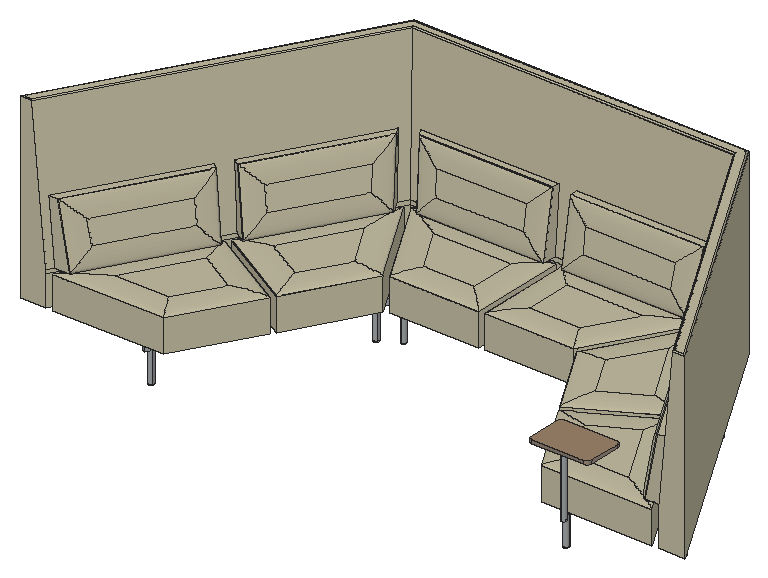
Revit family "Reveal High Back 980-173AT", category Furniture, Revit 2016
Family settings
  OmniClass Number = 23.40.20.00
  OmniClass Title = General Furniture and Specialties
  Work Plane-Based = No
  Always vertical = Yes
  Cut with Voids When Loaded = No
  Shared = No
  Room Calculation Point = No
Parameters
  URL = "http://www.martinbrattrud.com"
  Table Top [instance] = MB Wood Cherry
  SCS Certified Product = "Yes"
  Model = "Reveal 980-173A"
  Manufacturer = "Martin Brattrud, Inc."
  Leg = none
  Keynote = "125000"
  Copyright = "© 2013 Martin Brattrud, Inc."
  Chair [instance] = none
  Back Cushion [instance] = none
  Authoring Version = "Revit Architecture 2010"
  Assembly Code = "E2020200"
Reference planes
  plane 1 "Center Front/Back": y = 0
  plane 2: z = 0
  plane 3 "Center Left/Right": x = 0
Forms (mm)
  Sweep 1, solid, material <- "Chair"
    path in 3D
      loop
        line (2035.136, -1442.448, 1365.25) -> (1013.827, 326.51, 1365.25) -> (-1013.827, 326.51, 1365.25) -> (-2035.136, -1442.448, 1365.25)
    profile origin (0, 326.51, 1365.25) x (0, -1, 0) y (0, 0, 1)
      loop
        line (-7.144, 6.35) -> (-56.78, 6.35)
        arc (-56.78, 6.35) -> (-61.27, 4.49) -> (-63.13, 0) r 6.35
        line (-63.13, 0) -> (-0.794, 0)
        arc (-0.794, 0) -> (-2.654, 4.49) -> (-7.144, 6.35) r 6.35
  Sweep 2, solid, material <- "Chair"
    path in 3D
      loop
        line (-19.05, -390.525, 431.8) -> (-19.05, 212.725, 431.8) -> (-926.137, 212.725, 431.8) -> (-577.85, -390.525, 431.8) -> (-19.05, -390.525, 431.8)
    profile origin (-298.45, -390.525, 431.8) x (0, 1, 0) y (0, 0, 1)
      loop
        line (153.194, 0) -> (153.194, 19.05)
        spline (153.194, 19.05) -> (133.302, 18.887) -> (113.75, 18.401) -> (94.873, 17.6) -> (76.994, 16.498) -> (60.419, 15.113) -> (45.431, 13.47) -> (32.287, 11.597) -> (21.211, 9.525) -> (12.395, 7.29) -> (5.987, 4.931) -> (2.098, 2.487) -> (0.794, 0)
        line (0.794, 0) -> (153.194, 0)
  Extrusion 3, void
    sketch origin (0, -938.609, 558.8) x (0, 1, 0) y (0, 0, 1)
      loop
        line (-471.831, 806.45) -> (-471.037, 806.45)
        arc (-471.037, 806.45) -> (-469.178, 810.94) -> (-464.687, 812.8) r 6.35
        line (-464.687, 812.8) -> (-464.687, 819.15) -> (-560.731, 819.15) -> (-560.731, -330.2) -> (-471.831, -330.2) -> (-471.831, 806.45)
    from -2133.6 to 2133.6
  Extrusion 4, solid, material <- "Leg"
    sketch origin (0, 0, 0) x (1, 0, 0) y (0, 1, 0)
      loop
        line (-603.25, 365.125) -> (-603.25, 146.05) -> (-909.639, 146.05) -> (-1062.833, -119.29) -> (-1252.558, -9.753) -> (-1262.083, -26.251) -> (-1072.358, -135.788) -> (-1656.558, -1147.652) -> (-1846.283, -1038.115) -> (-1855.808, -1054.613) -> (-1319.63, -1364.175) -> (-1333.917, -1388.922) -> (-1317.419, -1398.447) -> (-667.671, -273.05) -> (667.671, -273.05) -> (1336.662, -1431.776) -> (1353.16, -1422.251) -> (1319.63, -1364.175) -> (1855.808, -1054.613) -> (1846.283, -1038.115) -> (1656.558, -1147.652) -> (1072.358, -135.788) -> (1262.083, -26.251) -> (1252.558, -9.753) -> (1062.833, -119.29) -> (909.639, 146.05) -> (603.25, 146.05) -> (603.25, 365.125) -> (584.2, 365.125) -> (584.2, 146.05) -> (-584.2, 146.05) -> (-584.2, 365.125) -> (-603.25, 365.125)
      loop
        line (-584.2, -254) -> (-127, -254) -> (-127, 127) -> (-584.2, 127) -> (-584.2, -254)
      loop
        line (-603.25, -254) -> (-603.25, 127) -> (-898.64, 127) -> (-1046.335, -128.815) -> (-716.38, -319.315) -> (-678.67, -254) -> (-603.25, -254)
      loop
        line (-107.95, 127) -> (-107.95, -254) -> (107.95, -254) -> (107.95, 127) -> (-107.95, 127)
      loop
        line (584.2, -254) -> (584.2, 127) -> (127, 127) -> (127, -254) -> (584.2, -254)
      loop
        line (-725.905, -335.813) -> (-1055.86, -145.313) -> (-1284.46, -541.26) -> (-954.505, -731.76) -> (-725.905, -335.813)
      loop
        line (-1401.935, -744.733) -> (-1071.98, -935.233) -> (-964.03, -748.258) -> (-1293.985, -557.758) -> (-1401.935, -744.733)
      loop
        line (-1081.505, -951.731) -> (-1411.46, -761.231) -> (-1640.06, -1157.177) -> (-1310.105, -1347.677) -> (-1081.505, -951.731)
      loop
        line (603.25, -254) -> (678.67, -254) -> (716.38, -319.315) -> (1046.335, -128.815) -> (898.64, 127) -> (603.25, 127) -> (603.25, -254)
      loop
        line (725.905, -335.813) -> (954.505, -731.76) -> (1284.46, -541.26) -> (1055.86, -145.313) -> (725.905, -335.813)
      loop
        line (1401.935, -744.733) -> (1293.985, -557.758) -> (964.03, -748.258) -> (1071.98, -935.233) -> (1401.935, -744.733)
      loop
        line (1081.505, -951.731) -> (1310.105, -1347.677) -> (1640.06, -1157.177) -> (1411.46, -761.231) -> (1081.505, -951.731)
    from 190.472 to 228.6
  Extrusion 5, solid, material <- "Leg"
    sketch origin (0, 0, 0) x (1, 0, 0) y (0, 1, 0)
      loop
        line (-584.2, 276.225) -> (584.2, 276.225) -> (584.2, 352.425) -> (-584.2, 352.425) -> (-584.2, 276.225)
      loop
        line (-1769.293, -1082.565) -> (-1185.093, -70.701) -> (-1251.084, -32.601) -> (-1835.284, -1044.465) -> (-1769.293, -1082.565)
      loop
        line (1769.293, -1082.565) -> (1835.284, -1044.465) -> (1251.084, -32.601) -> (1185.093, -70.701) -> (1769.293, -1082.565)
    from 203.2 to 228.6
  Sweep 6, solid, material <- "Chair"
    path origin (0, 0, 0) x (1, 0, 0) y (0, 1, 0)
      loop
        line (2090.574, -1410.441) -> (1050.786, 390.525) -> (-1050.786, 390.525) -> (-2090.574, -1410.441)
    profile origin (0, 390.525, 0) x (0, -1, 0) y (0, 0, 1)
      loop
        line (0, 1365.25) -> (0, 228.6) -> (139.7, 228.6) -> (139.7, 419.466)
        arc (139.7, 419.466) -> (139.451, 431.792) -> (138.703, 444.098) r 304.8
        line (138.703, 444.098) -> (64.015, 1365.25) -> (0, 1365.25)
  Extrusion 7, solid, material <- "Chair"
    sketch origin (0, 0, 0) x (1, 0, 0) y (0, 1, 0)
      loop
        line (-1431.725, -624.881) -> (-1885.269, -1410.441) -> (-1188.696, -1410.441) -> (-909.296, -926.506) -> (-1431.725, -624.881)
      loop
        line (-610.846, -409.575) -> (-959.132, 193.675) -> (-1412.675, -591.885) -> (-890.246, -893.51) -> (-610.846, -409.575)
      loop
        line (-926.137, 212.725) -> (-577.85, -390.525) -> (-19.05, -390.525) -> (-19.05, 212.725) -> (-926.137, 212.725)
      loop
        line (1431.725, -624.881) -> (909.296, -926.506) -> (1188.696, -1410.441) -> (1885.269, -1410.441) -> (1431.725, -624.881)
      loop
        line (610.846, -409.575) -> (890.246, -893.51) -> (1412.675, -591.885) -> (959.132, 193.675) -> (610.846, -409.575)
      loop
        line (926.137, 212.725) -> (19.05, 212.725) -> (19.05, -390.525) -> (577.85, -390.525) -> (926.137, 212.725)
    from 228.6 to 431.8
  Extrusion 8, solid, material <- "Chair"
    sketch origin (0, 0, 0) x (1, 0, 0) y (0, 1, 0)
      loop
        line (-660.797, 59.531) -> (-489.404, -237.331) -> (-172.244, -237.331) -> (-172.244, 59.531) -> (-660.797, 59.531)
    from 431.8 to 450.85
  Sweep 9, solid, material <- "Chair"
    path in 3D
      loop
        line (19.05, -390.525, 431.8) -> (19.05, 212.725, 431.8) -> (926.137, 212.725, 431.8) -> (577.85, -390.525, 431.8) -> (19.05, -390.525, 431.8)
    profile origin (298.45, -390.525, 431.8) x (0, -1, 0) y (0, 0, 1)
      loop
        line (-153.194, 0) -> (-0.794, 0)
        spline (-0.794, 0) -> (-2.098, 2.487) -> (-5.987, 4.931) -> (-12.395, 7.29) -> (-21.211, 9.525) -> (-32.287, 11.597) -> (-45.431, 13.47) -> (-60.419, 15.113) -> (-76.994, 16.498) -> (-94.873, 17.6) -> (-113.75, 18.401) -> (-133.302, 18.887) -> (-153.194, 19.05)
        line (-153.194, 19.05) -> (-153.194, 0)
  Extrusion 10, solid, material <- "Chair"
    sketch origin (0, 0, 0) x (-1, 0, 0) y (0, -1, 0)
      loop
        line (-660.797, -59.531) -> (-172.244, -59.531) -> (-172.244, 237.331) -> (-489.404, 237.331) -> (-660.797, -59.531)
    from 431.8 to 450.85
  Sweep 11, solid, material <- "Chair"
    path in 3D
      loop
        line (-909.296, -926.506, 431.8) -> (-1431.725, -624.881, 431.8) -> (-1885.269, -1410.441, 431.8) -> (-1188.696, -1410.441, 431.8) -> (-909.296, -926.506, 431.8)
    profile origin (-1048.996, -1168.473, 431.8) x (-0.866025, 0.5, 0) y (0, 0, 1)
      loop
        line (153.194, 0) -> (153.194, 19.05)
        spline (153.194, 19.05) -> (133.302, 18.887) -> (113.75, 18.401) -> (94.873, 17.6) -> (76.994, 16.498) -> (60.419, 15.113) -> (45.431, 13.47) -> (32.287, 11.597) -> (21.211, 9.525) -> (12.395, 7.29) -> (5.987, 4.931) -> (2.098, 2.487) -> (0.794, 0)
        line (0.794, 0) -> (153.194, 0)
  Extrusion 12, solid, material <- "Chair"
    sketch origin (-1237.975, -714.745, 0) x (0.5, 0.866025, 0) y (-0.866025, 0.5, 0)
      loop
        line (-660.797, 59.531) -> (-489.404, -237.331) -> (-172.244, -237.331) -> (-172.244, 59.531) -> (-660.797, 59.531)
    from 431.8 to 450.85
  Sweep 13, solid, material <- "Chair"
    path in 3D
      loop
        line (-890.246, -893.51, 431.8) -> (-1412.675, -591.885, 431.8) -> (-959.132, 193.675, 431.8) -> (-610.846, -409.575, 431.8) -> (-890.246, -893.51, 431.8)
    profile origin (-750.546, -651.542, 431.8) x (0.866025, -0.5, 0) y (0, 0, 1)
      loop
        line (-153.194, 0) -> (-0.794, 0)
        spline (-0.794, 0) -> (-2.098, 2.487) -> (-5.987, 4.931) -> (-12.395, 7.29) -> (-21.211, 9.525) -> (-32.287, 11.597) -> (-45.431, 13.47) -> (-60.419, 15.113) -> (-76.994, 16.498) -> (-94.873, 17.6) -> (-113.75, 18.401) -> (-133.302, 18.887) -> (-153.194, 19.05)
        line (-153.194, 19.05) -> (-153.194, 0)
  Extrusion 14, solid, material <- "Chair"
    sketch origin (-1237.975, -714.745, 0) x (-0.5, -0.866025, 0) y (0.866025, -0.5, 0)
      loop
        line (-660.797, -59.531) -> (-172.244, -59.531) -> (-172.244, 237.331) -> (-489.404, 237.331) -> (-660.797, -59.531)
    from 431.8 to 450.85
  Sweep 15, solid, material <- "Chair"
    path in 3D
      loop
        line (909.296, -926.506, 431.8) -> (1431.725, -624.881, 431.8) -> (1885.269, -1410.441, 431.8) -> (1188.696, -1410.441, 431.8) -> (909.296, -926.506, 431.8)
    profile origin (1048.996, -1168.473, 431.8) x (-0.866025, -0.5, 0) y (0, 0, 1)
      loop
        line (-153.194, 0) -> (-0.794, 0)
        spline (-0.794, 0) -> (-2.098, 2.487) -> (-5.987, 4.931) -> (-12.395, 7.29) -> (-21.211, 9.525) -> (-32.287, 11.597) -> (-45.431, 13.47) -> (-60.419, 15.113) -> (-76.994, 16.498) -> (-94.873, 17.6) -> (-113.75, 18.401) -> (-133.302, 18.887) -> (-153.194, 19.05)
        line (-153.194, 19.05) -> (-153.194, 0)
  Extrusion 16, solid, material <- "Chair"
    sketch origin (1237.975, -714.745, 0) x (-0.5, 0.866025, 0) y (-0.866025, -0.5, 0)
      loop
        line (-660.797, -59.531) -> (-172.244, -59.531) -> (-172.244, 237.331) -> (-489.404, 237.331) -> (-660.797, -59.531)
    from 431.8 to 450.85
  Sweep 17, solid, material <- "Chair"
    path in 3D
      loop
        line (890.246, -893.51, 431.8) -> (1412.675, -591.885, 431.8) -> (959.132, 193.675, 431.8) -> (610.846, -409.575, 431.8) -> (890.246, -893.51, 431.8)
    profile origin (750.546, -651.542, 431.8) x (0.866025, 0.5, 0) y (0, 0, 1)
      loop
        line (153.194, 0) -> (153.194, 19.05)
        spline (153.194, 19.05) -> (133.302, 18.887) -> (113.75, 18.401) -> (94.873, 17.6) -> (76.994, 16.498) -> (60.419, 15.113) -> (45.431, 13.47) -> (32.287, 11.597) -> (21.211, 9.525) -> (12.395, 7.29) -> (5.987, 4.931) -> (2.098, 2.487) -> (0.794, 0)
        line (0.794, 0) -> (153.194, 0)
  Extrusion 18, solid, material <- "Chair"
    sketch origin (1237.975, -714.745, 0) x (0.5, -0.866025, 0) y (0.866025, 0.5, 0)
      loop
        line (-660.797, 59.531) -> (-489.404, -237.331) -> (-172.244, -237.331) -> (-172.244, 59.531) -> (-660.797, 59.531)
    from 431.8 to 450.85
  Sweep 19, solid, material <- "Chair"
    path origin (0, 0, 0) x (1, 0, 0) y (0, 1, 0)
      loop
        line (-1965.11, -1372.341) -> (-999.053, 300.919) -> (999.053, 300.919) -> (1965.11, -1372.341)
    profile origin (0, 300.919, 0) x (0, 1, 0) y (0, 0, 1)
      loop
        line (-48.848, 447.17) -> (-16.628, 844.552) -> (-67.428, 844.552) -> (-136.165, 447.17) -> (-48.848, 447.17)
  Extrusion 20, void
    sketch origin (0, 0, 0) x (1, 0, 0) y (0, 1, 0)
      loop
        line (-1527.154, -613.779) -> (-1401.282, -686.451) -> (-1344.132, -587.464) -> (-1470.004, -514.792) -> (-1527.154, -613.779)
      loop
        line (-930.152, 67.28) -> (-831.165, 124.43) -> (-950.632, 331.352) -> (-1049.618, 274.202) -> (-930.152, 67.28)
      loop
        line (-1797.28, -1372.341) -> (-1968.73, -1372.341) -> (-1968.73, -1467.591) -> (-1797.28, -1467.591) -> (-1797.28, -1372.341)
      loop
        line (1527.154, -613.779) -> (1470.004, -514.792) -> (1344.132, -587.464) -> (1401.282, -686.451) -> (1527.154, -613.779)
      loop
        line (930.152, 67.28) -> (1049.618, 274.202) -> (950.632, 331.352) -> (831.165, 124.43) -> (930.152, 67.28)
      loop
        line (1797.28, -1372.341) -> (1797.28, -1467.591) -> (1968.73, -1467.591) -> (1968.73, -1372.341) -> (1797.28, -1372.341)
      loop
        line (-57.15, 300.919) -> (-57.15, 155.575) -> (57.15, 155.575) -> (57.15, 300.919) -> (-57.15, 300.919)
    from 447.17 to 844.552
  Sweep 21, solid, material <- "Chair"
    path in 3D
      loop
        line (-894.132, 233.491, 844.552) -> (-854.447, 164.755, 447.17) -> (-57.15, 164.755, 447.17) -> (-57.15, 233.491, 844.552) -> (-894.132, 233.491, 844.552)
    profile origin (-475.641, 233.491, 844.552) x (0, -1, 0) y (0, 0, 1)
      loop
        line (0.135, -0.782) -> (25.975, -150.17) -> (41.618, -147.464) -> (37.424, -123.218)
        spline (37.424, -123.218) -> (34.465, -106.907) -> (31.289, -90.921) -> (27.95, -75.534) -> (24.505, -61.01) -> (21.014, -47.596) -> (17.536, -35.522) -> (14.131, -24.995) -> (10.857, -16.195) -> (7.769, -9.273) -> (4.921, -4.346) -> (2.362, -1.5) -> (0.135, -0.782)
  Sweep 22, solid, material <- "Chair"
    path in 3D
      loop
        line (209.55, 190.73, 597.34) -> (209.55, 175.088, 600.046)
    profile origin (209.55, 182.909, 598.693) x (0, -0.170442, -0.985368) y (1, 0, 0)
      loop
        line (0, 0) -> (0, 506.758) -> (-98.483, 516.449) -> (-98.483, 0) -> (0, 0)
  Sweep 23, solid, material <- "Chair"
    path in 3D
      loop
        line (-1298.377, -437.905, 597.34) -> (-1284.83, -445.726, 600.046)
    profile origin (-1291.604, -441.815, 598.693) x (0.147607, -0.085221, -0.985368) y (0.5, 0.866025, 0)
      loop
        line (0, 0) -> (0, 506.758) -> (-98.483, 516.449) -> (-98.483, 0) -> (0, 0)
  Sweep 24, solid, material <- "Chair"
    path in 3D
      loop
        line (1284.83, -445.726, 600.046) -> (1298.377, -437.905, 597.34)
    profile origin (1291.604, -441.815, 598.693) x (-0.147607, -0.085221, -0.985368) y (-0.5, 0.866025, 0)
      loop
        line (0, 0) -> (0, 506.758) -> (-98.483, 516.449) -> (-98.483, 0) -> (0, 0)
  Sweep 25, solid, material <- "Chair"
    path in 3D
      loop
        line (-209.55, 190.73, 597.34) -> (-209.55, 175.088, 600.046)
    profile origin (-209.55, 182.909, 598.693) x (0, 0.170442, 0.985368) y (-1, 0, 0)
      loop
        line (0, 0) -> (98.483, 0) -> (98.483, 516.449) -> (0, 506.758) -> (0, 0)
  Sweep 26, solid, material <- "Chair"
    path in 3D
      loop
        line (-1507.927, -800.856, 597.34) -> (-1494.38, -808.677, 600.046)
    profile origin (-1501.154, -804.766, 598.693) x (0, 0.326935, 0.945047) y (-0.521333, -0.806459, 0.278991)
      loop
        line (0, 0) -> (94.453, 27.884) -> (-51.772, 523.2) -> (-143.48, 486.021) -> (0, 0)
  Sweep 27, solid, material <- "Chair"
    path in 3D
      loop
        line (1507.927, -800.856, 597.34) -> (1494.38, -808.677, 600.046)
    profile origin (1501.154, -804.766, 598.693) x (0, -0.326935, -0.945047) y (0.521333, -0.806459, 0.278991)
      loop
        line (0, 0) -> (143.48, 486.021) -> (51.772, 523.2) -> (-94.453, 27.884) -> (0, 0)
  Sweep 28, solid, material <- "Chair"
    path in 3D
      loop
        line (894.132, 233.491, 844.552) -> (854.447, 164.755, 447.17) -> (57.15, 164.755, 447.17) -> (57.15, 233.491, 844.552) -> (894.132, 233.491, 844.552)
    profile origin (475.641, 233.491, 844.552) x (0, 1, 0) y (0, 0, 1)
      loop
        spline (-0.135, -0.782) -> (-2.362, -1.5) -> (-4.921, -4.346) -> (-7.769, -9.273) -> (-10.857, -16.195) -> (-14.131, -24.995) -> (-17.536, -35.522) -> (-21.014, -47.596) -> (-24.505, -61.01) -> (-27.95, -75.534) -> (-31.289, -90.921) -> (-34.465, -106.907) -> (-37.424, -123.218)
        line (-37.424, -123.218) -> (-41.618, -147.464) -> (-25.975, -150.17) -> (-0.135, -0.782)
  Sweep 29, solid, material <- "Chair"
    path in 3D
      loop
        line (-1887.25, -1372.341, 844.552) -> (-1807.881, -1372.341, 447.17) -> (-1409.232, -681.861, 447.17) -> (-1468.759, -647.493, 844.552) -> (-1887.25, -1372.341, 844.552)
    profile origin (-1678.005, -1009.917, 844.552) x (0.866025, -0.5, 0) y (0, 0, 1)
      loop
        line (0.135, -0.782) -> (25.975, -150.17) -> (41.618, -147.464) -> (37.424, -123.218)
        spline (37.424, -123.218) -> (34.465, -106.907) -> (31.289, -90.921) -> (27.95, -75.534) -> (24.505, -61.01) -> (21.014, -47.596) -> (17.536, -35.522) -> (14.131, -24.995) -> (10.857, -16.195) -> (7.769, -9.273) -> (4.921, -4.346) -> (2.362, -1.5) -> (0.135, -0.782)
  Sweep 30, solid, material <- "Chair"
    path in 3D
      loop
        line (-993.119, 176.341, 844.552) -> (-953.434, 107.605, 447.17) -> (-1352.082, -582.874, 447.17) -> (-1411.609, -548.506, 844.552) -> (-993.119, 176.341, 844.552)
    profile origin (-1202.364, -186.083, 844.552) x (-0.866025, 0.5, 0) y (0, 0, 1)
      loop
        spline (-0.135, -0.782) -> (-2.362, -1.5) -> (-4.921, -4.346) -> (-7.769, -9.273) -> (-10.857, -16.195) -> (-14.131, -24.995) -> (-17.536, -35.522) -> (-21.014, -47.596) -> (-24.505, -61.01) -> (-27.95, -75.534) -> (-31.289, -90.921) -> (-34.465, -106.907) -> (-37.424, -123.218)
        line (-37.424, -123.218) -> (-41.618, -147.464) -> (-25.975, -150.17) -> (-0.135, -0.782)
  Sweep 31, solid, material <- "Chair"
    path in 3D
      loop
        line (993.119, 176.341, 844.552) -> (953.434, 107.605, 447.17) -> (1352.082, -582.874, 447.17) -> (1411.609, -548.506, 844.552) -> (993.119, 176.341, 844.552)
    profile origin (1202.364, -186.083, 844.552) x (-0.866025, -0.5, 0) y (0, 0, 1)
      loop
        line (0.135, -0.782) -> (25.975, -150.17) -> (41.618, -147.464) -> (37.424, -123.218)
        spline (37.424, -123.218) -> (34.465, -106.907) -> (31.289, -90.921) -> (27.95, -75.534) -> (24.505, -61.01) -> (21.014, -47.596) -> (17.536, -35.522) -> (14.131, -24.995) -> (10.857, -16.195) -> (7.769, -9.273) -> (4.921, -4.346) -> (2.362, -1.5) -> (0.135, -0.782)
  Sweep 32, solid, material <- "Chair"
    path in 3D
      loop
        line (1887.25, -1372.341, 844.552) -> (1807.881, -1372.341, 447.17) -> (1409.232, -681.861, 447.17) -> (1468.759, -647.493, 844.552) -> (1887.25, -1372.341, 844.552)
    profile origin (1678.005, -1009.917, 844.552) x (0.866025, 0.5, 0) y (0, 0, 1)
      loop
        spline (-0.135, -0.782) -> (-2.362, -1.5) -> (-4.921, -4.346) -> (-7.769, -9.273) -> (-10.857, -16.195) -> (-14.131, -24.995) -> (-17.536, -35.522) -> (-21.014, -47.596) -> (-24.505, -61.01) -> (-27.95, -75.534) -> (-31.289, -90.921) -> (-34.465, -106.907) -> (-37.424, -123.218)
        line (-37.424, -123.218) -> (-41.618, -147.464) -> (-25.975, -150.17) -> (-0.135, -0.782)
  Extrusion 33, solid, material <- "Leg"
    sketch origin (1607.996, -718.291, 0) x (0, -1, 0) y (1, 0, 0)
      loop
        circle (708.025, -263.525) r 15.875
    from 190.472 to 634.994
  Extrusion 34, solid, material "MB Wood Cherry" <- "Table Top"
    sketch origin (1887.809, -621.758, 0) x (0, -1, 0) y (1, 0, 0)
      loop
        line (702.957, -670.338) -> (906.157, -670.338)
        arc (906.157, -670.338) -> (924.118, -662.899) -> (931.557, -644.938) r 25.4
        line (931.557, -644.938) -> (931.557, -314.738)
        arc (931.557, -314.738) -> (924.118, -296.778) -> (906.157, -289.338) r 25.4
        line (906.157, -289.338) -> (702.957, -289.338)
        arc (702.957, -289.338) -> (684.997, -296.778) -> (677.557, -314.738) r 25.4
        line (677.557, -314.738) -> (677.557, -644.938)
        arc (677.557, -644.938) -> (684.997, -662.899) -> (702.957, -670.338) r 25.4
    from 641.351 to 660.401
Cuts and joins
  Extrusion 3 cuts Sweep 6
  Extrusion 3 cuts Sweep 1
  Extrusion 20 cuts Sweep 19
  joined: Sweep 15, Extrusion 16
  joined: Sweep 17, Extrusion 18
  joined: Sweep 9, Extrusion 10
  joined: Sweep 2, Extrusion 8
  joined: Sweep 13, Extrusion 14
  joined: Sweep 11, Extrusion 12
  joined: Sweep 26, Sweep 29
  joined: Sweep 23, Sweep 30
  joined: Sweep 21, Sweep 25
  joined: Sweep 22, Sweep 28
  joined: Sweep 24, Sweep 31
  joined: Sweep 27, Sweep 32
Lines and regions (mm)
  sketch lines
    curve 1: line (1013.827, 326.51, 1365.25) -> (-1013.827, 326.51, 1365.25)
    curve 2: line (-1013.827, 326.51, 1365.25) -> (-2035.136, -1442.448, 1365.25)
    curve 3: line (2035.136, -1442.448, 1365.25) -> (1013.827, 326.51, 1365.25)
    curve 4: line (-577.85, -390.525, 431.8) -> (-19.05, -390.525, 431.8)
    curve 5: line (-926.137, 212.725, 431.8) -> (-577.85, -390.525, 431.8)
    curve 6: line (-19.05, 212.725, 431.8) -> (-926.137, 212.725, 431.8)
    curve 7: line (-19.05, -390.525, 431.8) -> (-19.05, 212.725, 431.8)
    curve 8: line (577.85, -390.525, 431.8) -> (19.05, -390.525, 431.8)
    curve 9: line (926.137, 212.725, 431.8) -> (577.85, -390.525, 431.8)
    curve 10: line (19.05, 212.725, 431.8) -> (926.137, 212.725, 431.8)
    curve 11: line (19.05, -390.525, 431.8) -> (19.05, 212.725, 431.8)
    curve 12: line (-1188.696, -1410.441, 431.8) -> (-909.296, -926.506, 431.8)
    curve 13: line (-1885.269, -1410.441, 431.8) -> (-1188.696, -1410.441, 431.8)
    curve 14: line (-1431.725, -624.881, 431.8) -> (-1885.269, -1410.441, 431.8)
    curve 15: line (-909.296, -926.506, 431.8) -> (-1431.725, -624.881, 431.8)
    curve 16: line (-610.846, -409.575, 431.8) -> (-890.246, -893.51, 431.8)
    curve 17: line (-959.132, 193.675, 431.8) -> (-610.846, -409.575, 431.8)
    curve 18: line (-1412.675, -591.885, 431.8) -> (-959.132, 193.675, 431.8)
    curve 19: line (-890.246, -893.51, 431.8) -> (-1412.675, -591.885, 431.8)
    curve 20: line (1188.696, -1410.441, 431.8) -> (909.296, -926.506, 431.8)
    curve 21: line (1885.269, -1410.441, 431.8) -> (1188.696, -1410.441, 431.8)
    curve 22: line (1431.725, -624.881, 431.8) -> (1885.269, -1410.441, 431.8)
    curve 23: line (909.296, -926.506, 431.8) -> (1431.725, -624.881, 431.8)
    curve 24: line (610.846, -409.575, 431.8) -> (890.246, -893.51, 431.8)
    curve 25: line (959.132, 193.675, 431.8) -> (610.846, -409.575, 431.8)
    curve 26: line (1412.675, -591.885, 431.8) -> (959.132, 193.675, 431.8)
    curve 27: line (890.246, -893.51, 431.8) -> (1412.675, -591.885, 431.8)
    curve 28: line (-57.15, 233.491, 844.552) -> (-894.132, 233.491, 844.552)
    curve 29: line (-854.447, 164.755, 447.17) -> (-894.132, 233.491, 844.552)
    curve 30: line (-57.15, 164.755, 447.17) -> (-854.447, 164.755, 447.17)
    curve 31: line (-57.15, 233.491, 844.552) -> (-57.15, 164.755, 447.17)
    curve 32: line (209.55, 190.73, 597.34) -> (209.55, 175.088, 600.046)
    curve 33: line (-1298.377, -437.905, 597.34) -> (-1284.83, -445.726, 600.046)
    curve 34: line (1284.83, -445.726, 600.046) -> (1298.377, -437.905, 597.34)
    curve 35: line (-209.55, 190.73, 597.34) -> (-209.55, 175.088, 600.046)
    curve 36: line (-1507.927, -800.856, 597.34) -> (-1494.38, -808.677, 600.046)
    curve 37: line (1507.927, -800.856, 597.34) -> (1494.38, -808.677, 600.046)
    curve 38: line (57.15, 233.491, 844.552) -> (894.132, 233.491, 844.552)
    curve 39: line (854.447, 164.755, 447.17) -> (894.132, 233.491, 844.552)
    curve 40: line (57.15, 164.755, 447.17) -> (854.447, 164.755, 447.17)
    curve 41: line (57.15, 233.491, 844.552) -> (57.15, 164.755, 447.17)
    curve 42: line (-1468.759, -647.493, 844.552) -> (-1887.25, -1372.341, 844.552)
    curve 43: line (-1807.881, -1372.341, 447.17) -> (-1887.25, -1372.341, 844.552)
    curve 44: line (-1409.232, -681.861, 447.17) -> (-1807.881, -1372.341, 447.17)
    curve 45: line (-1468.759, -647.493, 844.552) -> (-1409.232, -681.861, 447.17)
    curve 46: line (-1411.609, -548.506, 844.552) -> (-993.119, 176.341, 844.552)
    curve 47: line (-953.434, 107.605, 447.17) -> (-993.119, 176.341, 844.552)
    curve 48: line (-1352.082, -582.874, 447.17) -> (-953.434, 107.605, 447.17)
    curve 49: line (-1411.609, -548.506, 844.552) -> (-1352.082, -582.874, 447.17)
    curve 50: line (1411.609, -548.506, 844.552) -> (993.119, 176.341, 844.552)
    curve 51: line (953.434, 107.605, 447.17) -> (993.119, 176.341, 844.552)
    curve 52: line (1352.082, -582.874, 447.17) -> (953.434, 107.605, 447.17)
    curve 53: line (1411.609, -548.506, 844.552) -> (1352.082, -582.874, 447.17)
    curve 54: line (1468.759, -647.493, 844.552) -> (1887.25, -1372.341, 844.552)
    curve 55: line (1807.881, -1372.341, 447.17) -> (1887.25, -1372.341, 844.552)
    curve 56: line (1409.232, -681.861, 447.17) -> (1807.881, -1372.341, 447.17)
    curve 57: line (1468.759, -647.493, 844.552) -> (1409.232, -681.861, 447.17)
Nested families
  nested 1: "Reveal Leg" at (-593.725, 320.675, 0), type "Reveal Leg"
  nested 2: "Reveal Leg" at (593.725, 320.675, 0) x (-1, 0, 0) z (0, 0, 1), type "Reveal Leg"
  nested 3: "Reveal Leg" at (593.677, -263.525, 0) x (-1, 0, 0) z (0, 0, 1), type "Reveal Leg"
  nested 4: "Reveal Leg" at (-593.677, -263.525, 0), type "Reveal Leg"
  nested 5: "Reveal Leg" at (-712.917, -332.368, 0) x (-0.5, -0.866, 0) z (0, 0, 1), type "Reveal Leg"
  nested 6: "Reveal Leg" at (-1306.594, -1360.647, 0) x (0.5, 0.866, 0) z (0, 0, 1), type "Reveal Leg"
  nested 7: "Reveal Leg" at (712.917, -332.368, 0) x (0.5, -0.866, 0) z (0, 0, 1), type "Reveal Leg"
  nested 8: "Reveal Leg" at (1306.594, -1360.647, 0) x (-0.5, 0.866, 0) z (0, 0, 1), type "Reveal Leg"
  nested 9: "Reveal Leg" at (-1812.55, -1068.589, 0) x (0.5, 0.866, 0) z (0, 0, 1), type "Reveal Leg"
  nested 10: "Reveal Leg" at (-1218.825, -40.227, 0) x (-0.5, -0.866, 0) z (0, 0, 1), type "Reveal Leg"
  nested 11: "Reveal Leg" at (1812.55, -1068.589, 0) x (-0.5, 0.866, 0) z (0, 0, 1), type "Reveal Leg"
  nested 12: "Reveal Leg" at (1218.825, -40.227, 0) x (0.5, -0.866, 0) z (0, 0, 1), type "Reveal Leg"
Definition of nested family "Reveal Leg"
  Parameters
    URL = "http://www.martinbrattrud.com"
    SCS Certified Product = ""
    Model = ""
    Leg = none
    Manufacturer = "Martin Brattrud, Inc."
    Keynote = "125000"
    Copyright = "© 2013 Martin Brattrud, Inc."
    Authoring Version = "Revit Architecture 2010"
    Assembly Code = "E2020200"
  Reference planes
    plane 1 "Center Front/Back": y = 0
    plane 2: z = 0
    plane 3 "Center Left/Right": x = 0
    plane 4: z = 228.6
  Forms (mm)
    Revolve 1, solid, material <- "Leg"
      sketch origin (0, 0, 0) x (0, 1, 0) y (0, 0, 1)
        loop
          line (0, 228.6) -> (-15.875, 228.6) -> (-15.875, 6.35) -> (-6.35, 6.35) -> (-6.35, 3.175) -> (-15.875, 3.175) -> (-15.875, 0) -> (0, 0) -> (0, 228.6)
        axis (0, 228.6) -> (0, 0)
      angle from 0 to 360
